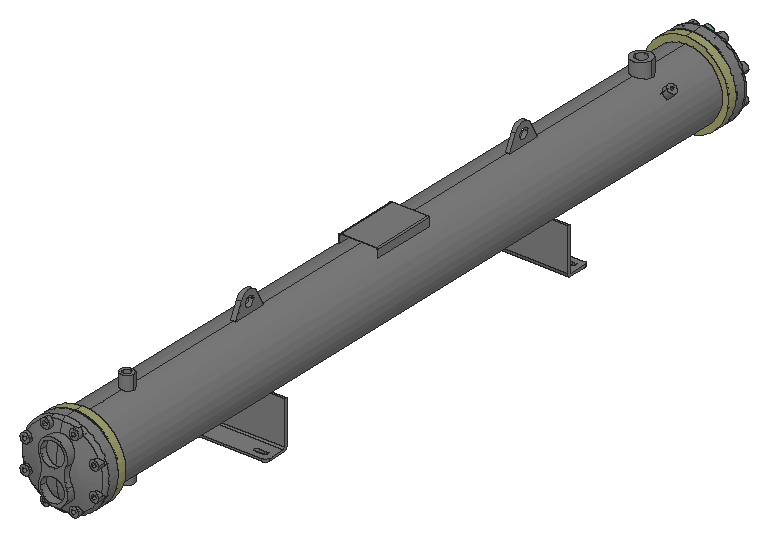
Revit family "MIT-BCM_165_4P", category Specialty Equipment, Revit 2022
Family settings
  Round Connector Dimension = Use Radius
  Part Type = Normal
  Work Plane-Based = No
  Always vertical = Yes
  Cut with Voids When Loaded = No
  Maintain Annotation Orientation = No
  Shared = No
  Room Calculation Point = No
Parameters
  URL = "https://en.ekinendustriyel.com/evaporators-and-condensers"
  Test Pressure = 64.35 bar
  Production Standard = "TS EN 13831"
  Operating Pressure = 45.0 bar
  Model = "MIT-BCM 165_4P"
  Manufacturer = "Ekin Endüstriyel"
  Keynote = "Condensers"
  Description = "MIT- Condensers"
  Default Elevation = 0 mm
Reference planes
  plane 1 "Center (Front/Back)": y = 0
  plane 2: z = 0
  plane 3 "Center (Left/Right)": x = 0
Forms (mm)
  Extrusion 1, solid, material "Ekin Endustriyel-S235JR"
    sketch origin (0, 0, 0) x (1, 0, 0) y (0, 0, 1)
      loop
        circle (0, 164.15) r 84.15
    from -880 to 880
  Extrusion 2, solid, material "Ekin Endustriyel-S235JR", detail levels fine
    sketch origin (0, 0, 0) x (1, 0, 0) y (0, 0, 1)
      loop
        line (-45, 235.88) -> (-44, 235.88) -> (-44, 252.88)
        arc (-44, 252.88) -> (-43.414, 254.294) -> (-42, 254.88) r 2
        line (-42, 254.88) -> (42, 254.88)
        arc (42, 254.88) -> (43.414, 254.294) -> (44, 252.88) r 2
        line (44, 252.88) -> (44, 235.88) -> (45, 235.88) -> (45, 252.88)
        arc (45, 252.88) -> (44.121, 255.002) -> (42, 255.88) r 3
        line (42, 255.88) -> (-42, 255.88)
        arc (-42, 255.88) -> (-44.121, 255.002) -> (-45, 252.88) r 3
        line (-45, 252.88) -> (-45, 235.88)
    from -75 to 75
  Extrusion 3, solid, material "Ekin Endustriyel-S235JR", detail levels fine
    sketch origin (0, 500.19, 0) x (1, 0, 0) y (0, 1, 0)
      loop
        circle (0, 249.81) r 23.75
      loop
        circle (0, 249.81) r 14.25
    from 278.3 to 204.31
  Extrusion 4, solid, material "Ekin Endustriyel-S235JR", detail levels fine
    sketch origin (0, -499.666, 0) x (1, 0, 0) y (0, 1, 0)
      loop
        circle (0.015, -250.334) r 15.25
      loop
        circle (0.015, -250.334) r 8.928
    from 278.3 to 211.07
  Extrusion 5, solid, material "Ekin Endustriyel-S235JR", detail levels fine
    sketch origin (71.72, 749.856, 235.87) x (0, 1, 0) y (-0.707107, 0, 0.707107)
      loop
        circle (0, 0) r 11
      loop
        circle (0, 0) r 4.216
    from 0 to -32.02
  Extrusion 6, solid, material "Ekin Endustriyel-S235JR", detail levels fine
    sketch origin (0, -500.291, 0) x (1, 0, 0) y (0, 1, 0)
      loop
        circle (0.015, -249.709) r 16.75
      loop
        circle (0.015, -249.709) r 13.335
    from 51.131 to 169.15
  Extrusion 7, solid, material "Ekin Endustriyel-AISI316L", detail levels medium+fine
    sketch origin (0, -549.666, 0) x (1, 0, 0) y (0, 0, 1)
      loop
        circle (0, 164.15) r 100
    from 330.334 to 350.334
  Extrusion 8, solid, material "Ekin Endustriyel-AISI316L", detail levels medium+fine
    sketch origin (0, 1180.334, 0) x (1, 0, 0) y (0, 0, 1)
      loop
        circle (0, 164.15) r 100
    from 280.334 to 300.334
  Revolve 9, solid, material "Ekin Endustriyel-S235JR", detail levels medium+fine
    sketch origin (0, -549.666, 0) x (0, 1, 0) y (0, 0, 1)
      loop
        line (-352.334, 264.15) -> (-377.299, 264.15)
        arc (-377.299, 264.15) -> (-382.802, 262.5) -> (-386.489, 258.094) r 10
        arc (-386.489, 258.094) -> (-401.262, 212.101) -> (-407.122, 164.15) r 255.705
        line (-407.122, 164.15) -> (-352.334, 164.15) -> (-352.334, 264.15)
      axis (-352.334, 164.15) -> (-407.122, 164.15)
    angle from 0 to 360
  Revolve 10, solid, material "Ekin Endustriyel-S235JR", detail levels medium+fine
    sketch origin (0, 549.666, 0) x (0, -1, 0) y (0, 0, -1)
      loop
        line (-352.334, -264.15) -> (-352.334, -164.15) -> (-407.122, -164.15)
        arc (-407.122, -164.15) -> (-401.262, -212.101) -> (-386.489, -258.094) r 255.705
        arc (-386.489, -258.094) -> (-382.802, -262.5) -> (-377.299, -264.15) r 10
        line (-377.299, -264.15) -> (-352.334, -264.15)
      axis (-352.334, -164.15) -> (-407.122, -164.15)
    angle from 0 to 360
  Extrusion 11, solid, material "Ekin Endustriyel-S235JR", detail levels coarse
    sketch origin (0, 0, 0) x (1, 0, 0) y (0, 0, 1)
      loop
        circle (0, 164.159) r 99.991
    from -957 to 966.924
  Extrusion 12, solid, material "Ekin Endustriyel-S235JR"
    sketch origin (0, 275.334, 0) x (0, 1, 0) y (0, 0, 1)
      loop
        arc (134.666, 9) -> (137.302, 2.636) -> (143.666, 0) r 9
        line (143.666, 0) -> (194.666, 0) -> (194.666, 5) -> (143.666, 5)
        arc (143.666, 5) -> (140.837, 6.172) -> (139.666, 9) r 4
        line (139.666, 9) -> (139.666, 110) -> (134.666, 110) -> (134.666, 9)
    from -100 to 100
  Extrusion 13, void
    sketch origin (0, 470, 5) x (0, -1, 0) y (1, 0, 0)
      loop
        line (25.25, 63.5) -> (25.25, 83.5)
        arc (25.25, 83.5) -> (20, 88.75) -> (14.75, 83.5) r 5.25
        line (14.75, 83.5) -> (14.75, 63.5)
        arc (14.75, 63.5) -> (20, 58.25) -> (25.25, 63.5) r 5.25
      loop
        line (10, 100) -> (-10, 100) -> (-10, -100) -> (10, -100)
        arc (10, -100) -> (2.929, -97.071) -> (0, -90) r 10
        line (0, -90) -> (0, 90)
        arc (0, 90) -> (2.929, 97.071) -> (10, 100) r 10
      loop
        arc (14.75, -83.5) -> (20, -88.75) -> (25.25, -83.5) r 5.25
        line (25.25, -83.5) -> (25.25, -63.5)
        arc (25.25, -63.5) -> (20, -58.25) -> (14.75, -63.5) r 5.25
        line (14.75, -63.5) -> (14.75, -83.5)
    from -5 to 0
  Extrusion 14, solid, material "Ekin Endustriyel-S235JR"
    sketch origin (0, -275.334, 0) x (0, -1, 0) y (0, 0, -1)
      loop
        line (134.666, -9) -> (134.666, -110) -> (139.666, -110) -> (139.666, -9)
        arc (139.666, -9) -> (140.837, -6.172) -> (143.666, -5) r 4
        line (143.666, -5) -> (194.666, -5) -> (194.666, 0) -> (143.666, 0)
        arc (143.666, 0) -> (137.302, -2.636) -> (134.666, -9) r 9
    from -100 to 100
  Extrusion 15, void
    sketch origin (0, -470, 5) x (0, 1, 0) y (-1, 0, 0)
      loop
        arc (25.25, -63.5) -> (20, -58.25) -> (14.75, -63.5) r 5.25
        line (14.75, -63.5) -> (14.75, -83.5)
        arc (14.75, -83.5) -> (20, -88.75) -> (25.25, -83.5) r 5.25
        line (25.25, -83.5) -> (25.25, -63.5)
      loop
        arc (10, -100) -> (2.929, -97.071) -> (0, -90) r 10
        line (0, -90) -> (0, 90)
        arc (0, 90) -> (2.929, 97.071) -> (10, 100) r 10
        line (10, 100) -> (-10, 100) -> (-10, -100) -> (10, -100)
      loop
        line (14.75, 83.5) -> (14.75, 63.5)
        arc (14.75, 63.5) -> (20, 58.25) -> (25.25, 63.5) r 5.25
        line (25.25, 63.5) -> (25.25, 83.5)
        arc (25.25, 83.5) -> (20, 88.75) -> (14.75, 83.5) r 5.25
    from -5 to 0
  Extrusion 16, solid, material "Ekin Endustriyel-S235JR", detail levels medium+fine
    sketch origin (40, -549.666, 0) x (1, 0, 0) y (0, 0, 1)
      loop
        circle (-40, 201.65) r 28.5
      loop
        circle (-40, 126.65) r 28.5
      loop
        arc (-8.128, 185.875) -> (-37.187, 236.112) -> (-70.839, 188.829) r 34.5
        arc (-70.839, 188.829) -> (-65.102, 164.15) -> (-70.839, 139.471) r 55.945
        arc (-70.839, 139.471) -> (-38.81, 92.15) -> (-6.781, 139.471) r 34.5
        arc (-6.781, 139.471) -> (-12.495, 162.527) -> (-8.128, 185.875) r 55.945
    from 390.526 to 417.259
  Extrusion 17, solid, material "Ekin Endustriyel-Zinc", detail levels medium+fine
    sketch origin (0, 550.334, 0) x (1, 0, 0) y (0, 0, 1)
      loop
        circle (0, 246.649) r 12.497
      loop
        circle (0, 246.649) r 5.497
    from -396.666 to -367.889
  Extrusion 18, solid, material "Ekin Endustriyel-S235JR", detail levels medium+fine
    sketch origin (0, -549.666, 0) x (1, 0, 0) y (0, 0, -1)
      loop
        circle (-80.837, -197.64) r 11
      loop
        circle (-80.837, -197.64) r 5.497
      loop
        circle (-80.837, -130.66) r 11
      loop
        circle (-80.837, -130.66) r 5.497
      loop
        circle (80.837, -197.64) r 11
      loop
        circle (80.837, -197.64) r 5.497
      loop
        circle (80.837, -130.66) r 11
      loop
        circle (80.837, -130.66) r 5.497
      loop
        circle (33.49, -244.987) r 11
      loop
        circle (33.49, -244.987) r 5.497
      loop
        circle (-33.49, -244.987) r 11
      loop
        circle (-33.49, -244.987) r 5.497
      loop
        circle (33.49, -83.313) r 11
      loop
        circle (33.49, -83.313) r 5.497
      loop
        circle (-33.49, -83.313) r 11
      loop
        circle (-33.49, -83.313) r 5.497
    from -396.666 to -367.889
  Extrusion 19, solid, material "Ekin Endustriyel-S235JR", detail levels medium+fine
    sketch origin (0, 550.334, 0) x (1, 0, 0) y (0, 0, 1)
      loop
        circle (-35.355, 199.505) r 22
      loop
        circle (35.355, 128.795) r 22
    from -406.666 to -351.666
  Extrusion 20, solid, material "Ekin Endustriyel-S235JR", detail levels fine
    sketch origin (0, -0.334, 0) x (0, -1, 0) y (0, 0, -1)
      loop
        line (-440.334, -248.151) -> (-422.806, -284.106)
        arc (-422.806, -284.106) -> (-400.334, -298.151) -> (-377.863, -284.106) r 25
        line (-377.863, -284.106) -> (-360.334, -248.151) -> (-440.334, -248.151)
      loop
        circle (-400.334, -273.151) r 12.5
      loop
        line (439.666, -248.151) -> (359.666, -248.151) -> (377.194, -284.106)
        arc (377.194, -284.106) -> (399.666, -298.151) -> (422.137, -284.106) r 25
        line (422.137, -284.106) -> (439.666, -248.151)
      loop
        circle (399.666, -273.151) r 12.5
    from -5 to 5
  Extrusion 21, solid, material "Ekin Endustriyel-S235JR", detail levels medium+fine
    sketch origin (0, 550.334, 0) x (1, 0, 0) y (0, 0, 1)
      loop
        circle (-80.837, 197.64) r 11
      loop
        circle (-80.837, 197.64) r 5.497
      loop
        circle (-80.837, 130.66) r 11
      loop
        circle (-80.837, 130.66) r 5.497
      loop
        circle (80.837, 197.64) r 11
      loop
        circle (80.837, 197.64) r 5.497
      loop
        circle (80.837, 130.66) r 11
      loop
        circle (80.837, 130.66) r 5.497
      loop
        circle (33.49, 244.987) r 11
      loop
        circle (33.49, 244.987) r 5.497
      loop
        circle (-33.49, 244.987) r 11
      loop
        circle (-33.49, 244.987) r 5.497
      loop
        circle (33.49, 83.313) r 11
      loop
        circle (33.49, 83.313) r 5.497
      loop
        circle (-33.49, 83.313) r 11
      loop
        circle (-33.49, 83.313) r 5.497
      loop
        circle (0, 81.651) r 12.497
      loop
        circle (0, 81.651) r 5.497
    from -396.666 to -367.889
Cuts and joins
  Extrusion 13, Extrusion 15 cuts Extrusion 12
  Extrusion 15 cuts Extrusion 14
  joined: Extrusion 1, Extrusion 12, Extrusion 14
Dimensions and locks
  aligned and locked: level to plane 2
Connectors
  piping at (0, -966.924, 201.65), diameter 50.8
    settings: on Extrusion 16, index 1, connector inside diameter 609.6 mm, connector length 0 mm, flow factor 0, pipe flow 0.0 L/s, pressure drop 0.0 Pa, fitting loss kfactor 0, connector angle 0.00°, fixture units 0, engagement length 0 mm, angle of deflection 0.00°, flow configuration 0, flow direction 1, fitting loss method 0, system type 7, joint type 0, gender type 0, connector reference index -1, connector utility 0, adjustable connector no, is connector primary yes, connector description ""
  piping at (0, -966.924, 126.65), diameter 50.8
    settings: on Extrusion 16, index 2, connector inside diameter 609.6 mm, connector length 0 mm, flow factor 0, pipe flow 0.0 L/s, pressure drop 0.0 Pa, fitting loss kfactor 0, connector angle 0.00°, fixture units 0, engagement length 0 mm, angle of deflection 0.00°, flow configuration 0, flow direction 2, fitting loss method 0, system type 7, joint type 0, gender type 0, connector reference index -1, connector utility 0, adjustable connector no, is connector primary no, connector description ""
  hvac at (0, 750, 278.3)
    settings: on Extrusion 3, index 3, duct flow 0.0 L/s, flow factor 0, pres drop 0.0 bar, loss coef 0, conn angle 0.00°, conn width 304.8 mm, conn height 304.8 mm, conn diameter 42 mm, duct sys type 3, conn prof type 0, flow config 0, flow direction 0, loss method 0, conn ref index -1, conn util no, is conn primary yes, conn desc ""
  hvac at (0.015, -750, 51.131)
    settings: on Extrusion 6, index 4, duct flow 0.0 L/s, flow factor 0, pres drop 0.0 bar, loss coef 0, conn angle 0.00°, conn width 304.8 mm, conn height 304.8 mm, conn diameter 35 mm, duct sys type 3, conn prof type 0, flow config 0, flow direction 0, loss method 0, conn ref index -1, conn util no, is conn primary no, conn desc ""
